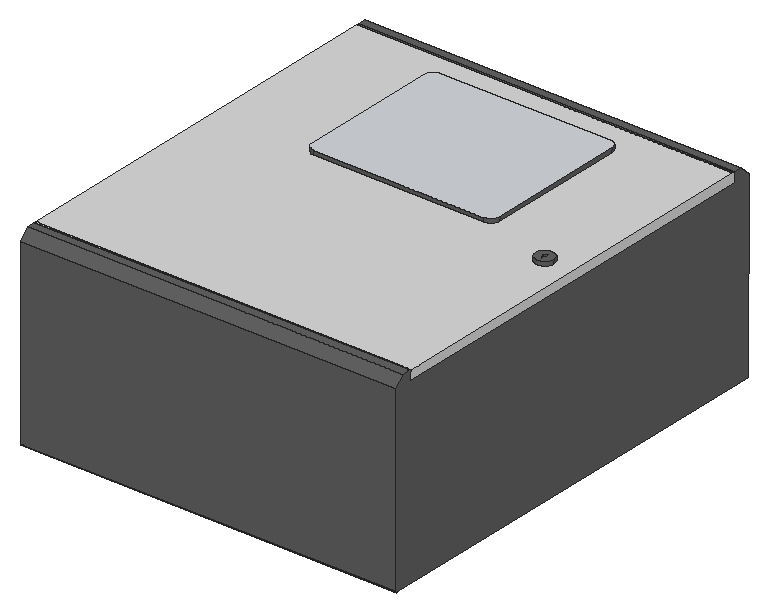
Revit family "Tyco_FireDtctnAlmCtrlIndctEquip_Zettler-ProfileSingleLoopAddressableCtrlIndctPanel", category Fire Alarm Devices, host Face, Revit 2013
Parameters (values of type "With16ZoneLEDsAnd2x38AhBatteries-P115D")
  Width = 410 mm
  WarrantyStartDate [instance] = "1900-12-31T23:59:59"
  WarrantyGuarantorParts = "Contact your supplier. If you don’t have your supplier contact details please contact (tfsuk.service@tycoint.com) or (tfseu.service@tycoint.com)"
  WarrantyGuarantorLabor = "Contact your supplier. If you don’t have your supplier contact details please contact (tfsuk.service@tycoint.com) or (tfseu.service@tycoint.com)"
  WarrantyDurationUnit = "Year"
  WarrantyDurationParts = "1.5 years"
  WarrantyDurationLabor = "1.5 years"
  WarrantyDescription = "n/a"
  Version = "1"
  UsageCurrent = 0 A
  Uniclass2 = "Ee_40_15_75"
  URL = "http://www.zettlerfire.com/Products/Fire/zettlerpanels/PROFILE.asp"
  TotalNoOfAddresses = "250"
  TagNumber [instance] = "n/a"
  SustainabilityPerformance = "n/a"
  StorageTemperature = "-20 °C to +70 °C"
  Size = "n/a"
  Shape = "Rectangle"
  SerialNumber [instance] = "n/a"
  Revision = "n/a"
  ReplacementCost = "n/a"
  RelativeHumidity = "90% RH continuous (non-condensing)"
  Reference = "n/a"
  ProductSpecification = "P115D Profile Single Loop Addressable Control and Indicating Panel with 16 Zone LEDs and 2*38Ah Batteries"
  ProductInformation = "http://www.zettlerfire.com/Products/Fire/zettlerpanels/PROFILE.asp"
  ProductCodes = "557.200.552"
  PhaseReference = "n/a"
  PhaseAngle = 0.00°
  OperationTemperatureRange = "-8 °C to +55 °C"
  NumberOfPoles = 0
  NominalWidth = Width  # 410 mm
  NominalVoltage = "230 V AC"
  NominalLength = Depth  # 213 mm
  NominalHeight = Height  # 480 mm
  NominalFrequencyRange = "50/60 Hz"
  NominalCurrent = 1.6 A
  NoOfZonesSupported = "240"
  NoOfZonalLEDs = "16"
  NoOfLoops = "1"
  Name = "P115D Profile Single Loop Addressable Control and Indicating Panel with 16 Zone LEDs and 2*38Ah Batteries"
  NBSReference = "90-75-30/380"
  NBSDescription = "Fire detection and alarm control and indicating equipment (CIE)"
  ModelReference = "n/a"
  ModelNumber = "P115D"
  Model = "P115D"
  Material = "Mild steel"
  ManufacturerURL = "www.zettlerfire.com"
  ManufacturerName = "Tyco Fire Protection Products"
  Manufacturer = "Tyco Fire Protection Products"  # constant formula
  InsulationStandardClass = "n/a"
  InstallationDate [instance] = "1900-12-31T23:59:59"
  IfcTypeObject = "IfcBuildingElementProxy"
  IfcExportType = "NOTDEFINED"
  IfcExportAs = "IfcDistributionElement"
  IP_Code = "n/a"
  Height = 480 mm
  HasProtectiveEarth = yes
  Grade = "n/a"
  GUIPanelWidth = Width / 2  # 205 mm
  GUIPanelOffset = Height * 0.8  # 384 mm
  Finish = "n/a"
  Features = "n/a"
  ExpectedLife = "n/a"
  ElectricalDeviceNominalPower = 0 VA
  DurationUnit = "Year"
  Description = "Zettler-Profile Single Loop Addressable Control and Indicating Panel with 16 Zone LEDs and 2*38Ah Batteries"
  Depth = 213 mm
  Default Elevation = 1200 mm
  Constituents = "n/a"
  ComponentWeight = "10.6 Kg"
  Color = "Grey"
  CodePerformance = "n/a"
  Category = "Ee_40_15_75"
  Brand = "Zettler\r\nZettler"
  BarCode [instance] = "n/a"
  BIMObjectName = "Tyco_FireDtctnAlmCtrlIndctEquip_Zettler-ProfileSingleLoopAddressableCtrlIndctPanel With16ZoneLEDsAnd2x38AhBatteries-P115D"
  Author = "Tyco Fire Protection Products"
  AssetType = "Moveable"
  AssetIdentifier [instance] = "n/a"
  AddressesPerLoop = "250"
  AccessibilityPerformance = "n/a"
Types (3, lengths in mm): name | ProductSpecification | ProductCodes | NominalLength | Name | ModelNumber | Model | Description | Depth | ComponentWeight | BIMObjectName
  (no name) | "P115D Profile Single Loop Addressable Control and Indicating Panel with 16 Zone LEDs and 2*38Ah Batteries" | "557.200.552" | 213 | "P115D Profile Single Loop Addressable Control and Indicating Panel with 16 Zone LEDs and 2*38Ah Batteries" | "P115D" | "P115D" | "Zettler-Profile Single Loop Addressable Control and Indicating Panel with 16 Zone LEDs and 2*38Ah Batteries" | 213 | "10.6 Kg" | "Tyco_FireDtctnAlmCtrlIndctEquip_Zettler-ProfileSingleLoopAddressableCtrlIndctPanel With16ZoneLEDsAnd2x38AhBatteries-P115D"
  With16ZoneLEDsAnd2x17AhBatteries-P115S | "P115S Profile Single Loop Addressable Control and Indicating Panel with 16 Zone LEDs and 2*17Ah Batteries" | "557.200.551" | 148 | "P115S Profile Single Loop Addressable Control and Indicating Panel with 16 Zone LEDs and 2*17Ah Batteries" | "P115S" | "P115S" | "Zettler-Profile Single Loop Addressable Control and Indicating Panel with 16 Zone LEDs and 2*17Ah Batteries" | 148 | "9.7 Kg" | "Tyco_FireDtctnAlmCtrlIndctEquip_Zettler-ProfileSingleLoopAddressableCtrlIndctPanel With16ZoneLEDsAnd2x17AhBatteries-P115S"
  With16ZoneLEDsAnd2x38AhBatteries-P115D | "P115D Profile Single Loop Addressable Control and Indicating Panel with 16 Zone LEDs and 2*38Ah Batteries" | "557.200.552" | 213 | "P115D Profile Single Loop Addressable Control and Indicating Panel with 16 Zone LEDs and 2*38Ah Batteries" | "P115D" | "P115D" | "Zettler-Profile Single Loop Addressable Control and Indicating Panel with 16 Zone LEDs and 2*38Ah Batteries" | 213 | "10.6 Kg" | "Tyco_FireDtctnAlmCtrlIndctEquip_Zettler-ProfileSingleLoopAddressableCtrlIndctPanel With16ZoneLEDsAnd2x38AhBatteries-P115D"
Reference planes
  plane 1 "Center (Front/Back)": y = 0
  plane 2: z = 0
  plane 3 "Center (Left/Right)": x = 0
  plane 4: x = -205
  plane 5: x = 205
  plane 6: y = 240
  plane 7: y = -240
  plane 8: z = 213
  plane 9: z = 4
  plane 10: x = 175
  plane 11: x = -102.5
  plane 12: x = 102.5
  plane 13: y = 192
  plane 14: y = -192
  plane 15: z = 217
Forms (mm)
  Extrusion 1, solid, material "Tyco-Black"
    sketch origin (0, 0, 0) x (0, 1, 0) y (0, 0, 1)
      loop
        line (-230, 213) -> (-240, 203) -> (-240, 5)
        arc (-240, 5) -> (-239.707, 4.293) -> (-239, 4) r 1
        line (-239, 4) -> (239, 4)
        arc (239, 4) -> (239.707, 4.293) -> (240, 5) r 1
        line (240, 5) -> (240, 203) -> (230, 213) -> (221, 213)
        arc (221, 213) -> (220.293, 212.707) -> (220, 212) r 1
        line (220, 212) -> (220, 203) -> (-220, 203) -> (-220, 212)
        arc (-220, 212) -> (-220.293, 212.707) -> (-221, 213) r 1
        line (-221, 213) -> (-230, 213)
    from -205 to 205
  Extrusion 2, solid, material "Tyco-Grey"
    sketch origin (0, 0, 0) x (0, 1, 0) y (0, 0, 1)
      loop
        line (218.989, 213) -> (-219, 213)
        arc (-219, 213) -> (-219.707, 212.707) -> (-220, 212) r 1
        line (-220, 212) -> (-220, 203) -> (220, 203) -> (220, 211.989)
        arc (220, 211.989) -> (219.704, 212.704) -> (218.989, 213) r 1.011
    from -205 to 205
  Extrusion 3, solid, material "Tyco-Black", detail levels medium+fine
    sketch origin (0, 0, 0) x (1, 0, 0) y (0, 1, 0)
      loop
        circle (175, 0) r 10
      loop
        arc (173.181, 0) -> (173.806, -0.863) -> (174.027, -1.905) r 2.567
        line (174.027, -1.905) -> (174.027, -2.803)
        arc (174.027, -2.803) -> (175, -3.776) -> (175.973, -2.803) r 0.973
        line (175.973, -2.803) -> (175.973, -1.905)
        arc (175.973, -1.905) -> (176.194, -0.863) -> (176.819, 0) r 2.567
        arc (176.819, 0) -> (175, 2.832) -> (173.181, 0) r 2
    from 213 to 217
  Extrusion 4, solid, detail levels medium+fine
    sketch origin (0, 1151.95, 213) x (0, 1, 0) y (-1, 0, 0)
      loop
        arc (-959.95, 92.5) -> (-962.879, 99.571) -> (-969.95, 102.5) r 10
        line (-969.95, 102.5) -> (-1121.95, 102.5)
        arc (-1121.95, 102.5) -> (-1129.021, 99.571) -> (-1131.95, 92.5) r 10
        line (-1131.95, 92.5) -> (-1131.95, -92.5)
        arc (-1131.95, -92.5) -> (-1129.021, -99.571) -> (-1121.95, -102.5) r 10
        line (-1121.95, -102.5) -> (-969.95, -102.5)
        arc (-969.95, -102.5) -> (-962.879, -99.571) -> (-959.95, -92.5) r 10
        line (-959.95, -92.5) -> (-959.95, 92.5)
    from 0 to 4
  Extrusion 5, solid, material "Tyco-Black"
    sketch origin (0, 1151.95, 213) x (0, 1, 0) y (-1, 0, 0)
      loop
        circle (-959.95, 102.5) r 20
      loop
        circle (-959.95, -102.5) r 20
      loop
        circle (-1343.95, 102.5) r 20
      loop
        circle (-1343.95, -102.5) r 20
    from -213 to -209
Cuts and joins
  joined: Extrusion 1, Extrusion 5
Lines and regions (mm)
  symbolic lines
    curve 1: line (-205, 240, 213) -> (205, 240, 213)
    curve 2: line (-205, -240, 213) -> (-205, 240, 213)
    curve 3: line (205, -240, 213) -> (-205, -240, 213)
    curve 4: line (205, 240, 213) -> (205, -240, 213)
    curve 5: line (-102.5, 192, 213) -> (102.5, 192, 213)
    curve 6: line (-102.5, 20, 213) -> (-102.5, 192, 213)
    curve 7: line (102.5, 20, 213) -> (-102.5, 20, 213)
    curve 8: line (102.5, 192, 213) -> (102.5, 20, 213)
    curve 9: line (-205, 0, 217) -> (205, 0, 217)
    curve 10: line (-205, 0, 0) -> (-205, 0, 217)
    curve 11: line (205, 0, 0) -> (-205, 0, 0)
    curve 12: line (205, 0, 217) -> (205, 0, 0)
    curve 13: line (0, 240, 217) -> (0, -240, 217)
    curve 14: line (0, 240, 0) -> (0, 240, 217)
    curve 15: line (0, -240, 0) -> (0, 240, 0)
    curve 16: line (0, -240, 217) -> (0, -240, 0)
Dimensions and locks
  "Width": plane 4 to plane 5
  equal spacing: plane 4, plane 3 "Center (Left/Right)", plane 5
  "Height": plane 6 to plane 7
  equal spacing: plane 6, plane 1 "Center (Front/Back)", plane 7
  "Depth": plane 8 to level
  locked: plane 9 to level at 4
  locked: plane 8 to Extrusion 1 sketch curve at 10
  locked: plane 6 to Extrusion 1 sketch curve at 20
  locked: Extrusion 1 sketch curve to plane 7 at 20
  locked: plane 10 to plane 5 at 30
  "GUIPanelWidth": plane 11 to plane 12
  equal spacing: plane 11, plane 3 "Center (Left/Right)", plane 12
  "GUIPanelOffset": plane 13 to plane 14
  equal spacing: plane 13, plane 1 "Center (Front/Back)", plane 14
  locked: plane 15 to plane 8 at 4
  locked: plane 1 "Center (Front/Back)" to Extrusion 4 sketch curve at 20
  radius of Extrusion 4 sketch curve = 10 mm  (x4)
  radius of Extrusion 5 sketch curve = 20 mm  (x4)
  aligned and locked: plane 2 to host face
  aligned and locked: level to host face
  aligned and locked: Extrusion 1 sketch curve to Extrusion 1 sketch curve  (x3)
  aligned and locked: Extrusion 1 to plane 4
  aligned and locked: Extrusion 1 to plane 5
  aligned and locked: Extrusion 1 to plane 9
  aligned and locked: Extrusion 1 sketch curve to plane 8
  aligned and locked: plane 6 to Extrusion 1 sketch curve
  aligned and locked: plane 7 to Extrusion 1 sketch curve
  aligned and locked: Extrusion 1 to Extrusion 2 sketch curve
  aligned and locked: Extrusion 2 sketch curve to Extrusion 1  (x3)
  aligned and locked: Extrusion 2 to plane 4
  aligned and locked: Extrusion 2 to plane 5
  aligned and locked: plane 1 "Center (Front/Back)" to Extrusion 3 sketch curve
  aligned and locked: plane 10 to Extrusion 3 sketch curve  (x3)
  aligned and locked: Extrusion 1 to Extrusion 3
  aligned and locked: Extrusion 4 sketch curve to plane 13
  aligned and locked: plane 11 to Extrusion 4 sketch curve
  aligned and locked: plane 12 to Extrusion 4 sketch curve
  aligned and locked: Extrusion 1 to Extrusion 4
  aligned and locked: plane 15 to Extrusion 4
  aligned and locked: plane 15 to Extrusion 3
  aligned and locked: curve 1 to Extrusion 1
  aligned and locked: curve 2 to Extrusion 1
  aligned and locked: curve 3 to Extrusion 1
  aligned and locked: curve 4 to Extrusion 1
  aligned and locked: curve 5 to plane 13
  aligned and locked: plane 11 to curve 6
  aligned and locked: plane 12 to curve 8
  aligned and locked: curve 7 to Extrusion 4
  aligned and locked: curve 9 to plane 15
  aligned and locked: level to curve 11
  aligned and locked: plane 5 to curve 12
  aligned and locked: plane 4 to curve 10
  aligned and locked: plane 15 to curve 13
  aligned and locked: plane 6 to curve 14
  aligned and locked: curve 15 to level
  aligned and locked: plane 7 to curve 16
  aligned and locked: plane 13 to Extrusion 5 sketch curve  (x2)
  aligned and locked: plane 11 to Extrusion 5 sketch curve  (x2)
  aligned and locked: plane 12 to Extrusion 5 sketch curve  (x2)
  aligned and locked: plane 14 to Extrusion 5 sketch curve  (x2)
  aligned and locked: Extrusion 5 to level
  aligned and locked: Extrusion 5 to Extrusion 1
Automatic sketch dimensions
  host sketch curve to host sketch curve = 1401.978 mm
  host sketch curve to host sketch curve = 1604.074 mm
  Extrusion 2 sketch curve to plane 7 = 21 mm
  Extrusion 2 sketch curve to plane 8 = 1.011 mm
  plane 10 to Extrusion 3 sketch curve = 0.973 mm
  plane 1 "Center (Front/Back)" to Extrusion 3 sketch curve = 2.803 mm
  Extrusion 3 sketch curve to Extrusion 3 sketch curve = 2.567 mm
  plane 1 "Center (Front/Back)" to Extrusion 3 sketch curve = 0 mm  (x2)
  plane 10 to Extrusion 3 sketch curve = 1.819 mm
  plane 1 "Center (Front/Back)" to Extrusion 3 sketch curve = 1.905 mm
  Extrusion 3 sketch curve to Extrusion 3 sketch curve = 0.832 mm
  Extrusion 1 sketch curve to plane 9 = 0 mm
  Extrusion 1 sketch curve to plane 8 = 0 mm
  Extrusion 1 sketch curve to plane 7 = 1 mm
  plane 9 to Extrusion 1 sketch curve = 1 mm
  Extrusion 1 sketch curve to plane 7 = 10 mm
  Extrusion 1 sketch curve to Extrusion 1 sketch curve = 1 mm  (x2)
  Extrusion 1 sketch curve to Extrusion 1 sketch curve = 9 mm
  radius of Extrusion 3 sketch curve = 10 mm
Connectors
  electrical at (0, 0, 4)
    settings: on Extrusion 1, index 1, voltage 0 V, apparent load 0 VA, apparent load phase1 0 VA, apparent load phase2 0 VA, apparent load phase3 0 VA, power factor 1, load classification "Other", number of poles 1, system type 31, power factor state 1, is connector primary yes, connector utility no, sub classification motor no, connector description ""
